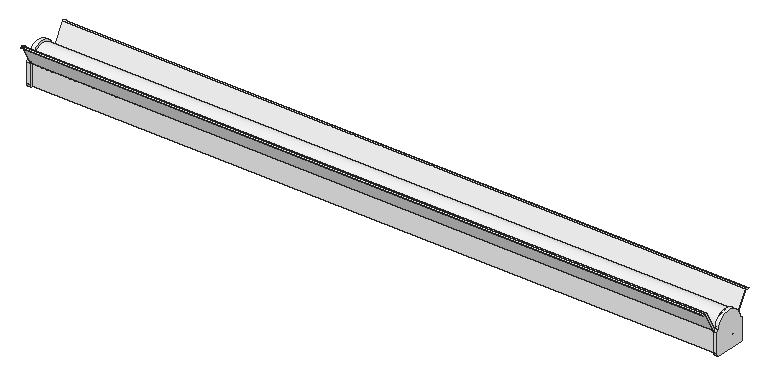
Revit family "0045210+0045235 Feilo Sylvania Lighting Fixture SYLBATTEN LED4 NW DALI TP6 E3 with SYMMETRIC REFLECTOR ACCESSORY 1500MM", category Lighting Fixtures, host Face, Revit 2017
Family settings
  Host = Face
  Round Connector Dimension = Use Diameter
  Part Type = Normal
  OmniClass Number = 23.80.70.00
  OmniClass Title = Lighting
  Cut with Voids When Loaded = No
  Light Source = Yes
  Shared = No
  Room Calculation Point = No
Parameters (values of type "0045210 SYLBATTEN LED4 NW DALI TP6 E3")
  Width_FEILO = 66 mm
  Weight = "3.7 kg"
  Wattage Comments = "n/a"
  Wattage = 42 W
  WarrantyStartDate [instance] = "n/a"
  WarrantyGuarantorParts = "n/a"
  WarrantyDurationUnit = "n/a"
  WarrantyDurationParts = "n/a"
  WarrantyDescription = "n/a"
  built-in parameter 1150110 = 1 (stored number, unit not read)
  Voltage = 230 V
  URL = "http://www.sylvania-lighting.com"
  TypeName = "SYLBATTEN LED4 NW DALI TP6 E3"
  Type Image = <None>
  Type Comments = "n/a"
  built-in parameter 1114217 = 1 (stored number, unit not read)
  Tilt Angle = -90.00°
  built-in parameter 1150109 = 1 (stored number, unit not read)
  built-in parameter 1150134 = 12
  SymReflector_FEILO = yes
  built-in parameter 1150113 = 1 (stored number, unit not read)
  SerialNumber [instance] = "n/a"
  PowerFactor = 0
  PowerConsumption = "42 W"
  Photometric Web File = "0045210+0045235.ies"
  NominalLength = 1505 mm
  NominalHeight = 76 mm
  NominalDepth = 66 mm
  Name = "SYLBATTEN LED4 NW DALI TP6 E3"
  ModelReference = Name  # "SYLBATTEN LED4 NW DALI TP6 E3"
  ModelNumber = "0045210"
  Model = Name  # "SYLBATTEN LED4 NW DALI TP6 E3"
  Material_4_FEILO = Reflector-Sylvania-Sylbatten-White
  Material_3_FEILO = Diffuser-Sylvania-Sylbatten-Glow
  Material_2_FEILO = Body-Sylvania-Sylbatten-White
  Material_1_FEILO = Body-Sylvania-Sylbatten-White
  Material = "sheet steel housing, polycarbonate diffuser"
  ManufacturerName = "Feilo Sylvania"
  Manufacturer = "Feilo Sylvania"
  LuminousEfficacy = "99.73 lm/W"
  built-in parameter 1150105 = 333.32 (stored number, unit not read)
  Lumens = 4188.66 lm
  LuminaireType = ""
  built-in parameter 1150115 = 1 (stored number, unit not read)
  LightOutputRatio = "100"
  built-in parameter 1150137 = (empty or 0)
  built-in parameter 1150139 = (empty or 0)
  Length_FEILO = 1505 mm
  LampsType = Lamp  # "LED"
  LampNominalLuminous = "4189 lm"
  LampMacAdamStep = "n/a"
  LampColourTemperature = "4000 K"
  LampColourRenderingIndex = "80"
  built-in parameter 1150112 = 1 (stored number, unit not read)
  built-in parameter 1150114 = 1 (stored number, unit not read)
  Lamp = "LED"
  Keynote = "16500"
  InstallationDate [instance] = "n/a"
  InputVoltage = "220-240V~"
  InputNominalFrequency = "n/a"
  built-in parameter 1150132 = (empty or 0)
  built-in parameter 1150102 = (empty or 0)
  built-in parameter 1150107 = 4000 (stored number, unit not read)
  built-in parameter 1150138 = (empty or 0)
  IngressProtection = "IP20"
  ImpactProtectionIndex = "IK07"
  built-in parameter 1150106 = 3.3332 (stored number, unit not read)
  IfcExportType = "IfcLightFixtureType"
  IfcExportAs = "IfcLightFixtureType"
  Height_FEILO = 76 mm
  ExpectedLife = 50000
  Emit from Rectangle Width = Length_FEILO - 16 mm  # 1489 mm
  Emit from Rectangle Length = Width_FEILO - 40 mm  # 26 mm
  Emit Shape Visible in Rendering = no
  ElectricShockClassification = "Class I"
  built-in parameter 1150104 = 9.2652 (stored number, unit not read)
  DurationUnit = "hours"
  DocumentationLiterature = "http://www.sylvania-lighting.com/product/en-int/products/0045210"
  DimmingControlOptions = "Dimmable"
  Dimming Lamp Color Temperature Shift = <None>
  Description = "LED batten, T8 replacement, ease of installation through 2 part push-in design of the housing (safety cable included), through wiring capability (TP6 = 6 core), sheet steel, 4189LM, 39W, 107lm/W, 4000K, drive current: 350mA, CRI 80, 138° wide beam angle, DALI dimmable, integral 3 hour maintained emergency, IP20, IK07, 50,000 hrs (L70), (LxWxH) 1505x66x76mm, 5 step MacAdam ellipse, 3.7kg, white RAL 9016, Class 1, 220-240V, energy class: A++, A+, A."
  Default Elevation = 1219.2 mm
  CreatedOn = "2/22/2018"
  CreatedBy = ""
  Cost = 0
  Color Filter = 16777215
  built-in parameter 1114216 [instance] = (empty or 0)
  ClassificationValue = "EF_70_80"
  ClassificationName = "Uniclass2015"
  CapOffset_FEILO = 2 mm
  BarCode [instance] = "n/a"
  built-in parameter 1114218 = 1 (stored number, unit not read)
  BackReflector_FEILO = and(not(AsymReflector_FEILO), SymReflector_FEILO)  # yes
  built-in parameter 1150133 = 10 (stored number, unit not read)
  FrontReflector_FEILO = or(AsymReflector_FEILO, SymReflector_FEILO)  # yes
  AsymReflector_FEILO = no
  AssetType = "Fixed"
  AssetIdentifier [instance] = "n/a"
  Assembly Code = "D5020200"
  Apparent Load = 42 VA
Reference planes
  plane 1 "Center (Front/Back)": y = 0
  plane 2: z = 0
  plane 3 "Center (Left/Right)": x = 0
  plane 4: x = 752.5
  plane 5: x = -752.5
  plane 6: y = 33
  plane 7: y = -33
  plane 8: z = 76
  plane 9: z = 47
  plane 10: y = -29
  plane 11: y = 29
  plane 12: z = 20
  plane 13: z = 74
  plane 14: y = -31
  plane 15: y = -27
  plane 16: y = 27
  plane 17: y = 31
  plane 18: z = 2
  plane 19: x = -744.5
  plane 20: x = 744.5
  plane 21: z = 49
  plane 22: y = 1
  plane 23: y = -1
  plane 24: z = 21
  plane 25: z = 19
  plane 26: y = -61
  plane 27: y = 61
  plane 28: y = -56
  plane 29: y = 56
  plane 30: z = 91
  plane 31: z = 88
Forms (mm)
  Extrusion 1, solid, material "Body-Sylvania-Sylbatten-White" <- "Material_2_FEILO"
    sketch origin (0, 0, 0) x (0, 1, 0) y (0, 0, 1)
      loop
        line (-31, 2) -> (31, 2) -> (31, 45)
        arc (31, 45) -> (30.414, 46.414) -> (29, 47) r 2
        line (29, 47) -> (27, 47)
        arc (27, 47) -> (0, 74) -> (-27, 47) r 27
        line (-27, 47) -> (-29, 47)
        arc (-29, 47) -> (-30.414, 46.414) -> (-31, 45) r 2
        line (-31, 45) -> (-31, 2)
    from -744.5 to 744.5
  Extrusion 2, solid, material "Body-Sylvania-Sylbatten-White" <- "Material_2_FEILO"
    sketch origin (752.5, 1524, 1219.2) x (0, 1, 0) y (0, 0, 1)
      loop
        arc (-1494, -1219.2) -> (-1491.879, -1218.321) -> (-1491, -1216.2) r 3
        line (-1491, -1216.2) -> (-1491, -1173.2)
        arc (-1491, -1173.2) -> (-1491.879, -1171.079) -> (-1494, -1170.2) r 3
        line (-1494, -1170.2) -> (-1495.069, -1170.2)
        arc (-1495.069, -1170.2) -> (-1524, -1143.2) -> (-1552.931, -1170.2) r 29
        line (-1552.931, -1170.2) -> (-1554, -1170.2)
        arc (-1554, -1170.2) -> (-1556.121, -1171.079) -> (-1557, -1173.2) r 3
        line (-1557, -1173.2) -> (-1557, -1216.2)
        arc (-1557, -1216.2) -> (-1556.121, -1218.321) -> (-1554, -1219.2) r 3
        line (-1554, -1219.2) -> (-1494, -1219.2)
      loop
        arc (-1525, -1189.25) -> (-1531.071, -1192.129) -> (-1533.95, -1198.2) r 10
        line (-1533.95, -1198.2) -> (-1532.944, -1198.2)
        arc (-1532.944, -1198.2) -> (-1530.364, -1192.836) -> (-1525, -1190.256) r 9
        line (-1525, -1190.256) -> (-1525, -1189.25)
      loop
        arc (-1523, -1190.256) -> (-1517.636, -1192.836) -> (-1515.056, -1198.2) r 9
        line (-1515.056, -1198.2) -> (-1514.05, -1198.2)
        arc (-1514.05, -1198.2) -> (-1516.929, -1192.129) -> (-1523, -1189.25) r 10
        line (-1523, -1189.25) -> (-1523, -1190.256)
      loop
        line (-1532.944, -1200.2) -> (-1533.95, -1200.2)
        arc (-1533.95, -1200.2) -> (-1531.071, -1206.271) -> (-1525, -1209.15) r 10
        line (-1525, -1209.15) -> (-1525, -1208.144)
        arc (-1525, -1208.144) -> (-1530.364, -1205.564) -> (-1532.944, -1200.2) r 9
      loop
        arc (-1515.056, -1200.2) -> (-1517.636, -1205.564) -> (-1523, -1208.144) r 9
        line (-1523, -1208.144) -> (-1523, -1209.15)
        arc (-1523, -1209.15) -> (-1516.929, -1206.271) -> (-1514.05, -1200.2) r 10
        line (-1514.05, -1200.2) -> (-1515.056, -1200.2)
    from 0 to -8
  Extrusion 3, solid, material "Body-Sylvania-Sylbatten-White" <- "Material_2_FEILO"
    sketch origin (-752.5, 1524, 1219.2) x (0, 1, 0) y (0, 0, 1)
      loop
        arc (-1495.069, -1170.2) -> (-1524, -1143.2) -> (-1552.931, -1170.2) r 29
        line (-1552.931, -1170.2) -> (-1554, -1170.2)
        arc (-1554, -1170.2) -> (-1556.121, -1171.079) -> (-1557, -1173.2) r 3
        line (-1557, -1173.2) -> (-1557, -1216.2)
        arc (-1557, -1216.2) -> (-1556.121, -1218.321) -> (-1554, -1219.2) r 3
        line (-1554, -1219.2) -> (-1494, -1219.2)
        arc (-1494, -1219.2) -> (-1491.879, -1218.321) -> (-1491, -1216.2) r 3
        line (-1491, -1216.2) -> (-1491, -1173.2)
        arc (-1491, -1173.2) -> (-1491.879, -1171.079) -> (-1494, -1170.2) r 3
        line (-1494, -1170.2) -> (-1495.069, -1170.2)
      loop
        line (-1533.95, -1198.2) -> (-1532.944, -1198.2)
        arc (-1532.944, -1198.2) -> (-1530.364, -1192.836) -> (-1525, -1190.256) r 9
        line (-1525, -1190.256) -> (-1525, -1189.25)
        arc (-1525, -1189.25) -> (-1531.071, -1192.129) -> (-1533.95, -1198.2) r 10
      loop
        line (-1523, -1189.25) -> (-1523, -1190.256)
        arc (-1523, -1190.256) -> (-1517.636, -1192.836) -> (-1515.056, -1198.2) r 9
        line (-1515.056, -1198.2) -> (-1514.05, -1198.2)
        arc (-1514.05, -1198.2) -> (-1516.929, -1192.129) -> (-1523, -1189.25) r 10
      loop
        line (-1514.05, -1200.2) -> (-1515.056, -1200.2)
        arc (-1515.056, -1200.2) -> (-1517.636, -1205.564) -> (-1523, -1208.144) r 9
        line (-1523, -1208.144) -> (-1523, -1209.15)
        arc (-1523, -1209.15) -> (-1516.929, -1206.271) -> (-1514.05, -1200.2) r 10
      loop
        line (-1525, -1209.15) -> (-1525, -1208.144)
        arc (-1525, -1208.144) -> (-1530.364, -1205.564) -> (-1532.944, -1200.2) r 9
        line (-1532.944, -1200.2) -> (-1533.95, -1200.2)
        arc (-1533.95, -1200.2) -> (-1531.071, -1206.271) -> (-1525, -1209.15) r 10
    from 0 to 8
  Extrusion 4, solid, material "Reflector-Sylvania-Sylbatten-White" <- "Material_4_FEILO", visible <- "FrontReflector_FEILO"
    sketch origin (0, 0, 0) x (0, 1, 0) y (0, 0, 1)
      loop
        line (-61.257, 88.429) -> (-60.743, 87.571) -> (-56.621, 90.044)
        arc (-56.621, 90.044) -> (-56.237, 90.099) -> (-55.929, 89.863) r 0.5
        line (-55.929, 89.863) -> (-31.435, 46.753) -> (-30.565, 47.247) -> (-55.312, 90.802)
        arc (-55.312, 90.802) -> (-55.928, 91.275) -> (-56.696, 91.165) r 1
        line (-56.696, 91.165) -> (-61.257, 88.429)
    from -744.5 to 744.5
  Extrusion 5, solid, material "Reflector-Sylvania-Sylbatten-White" <- "Material_4_FEILO", visible <- "BackReflector_FEILO"
    sketch origin (0, 0, 0) x (0, 1, 0) y (0, 0, 1)
      loop
        line (30.565, 47.247) -> (31.435, 46.753) -> (55.932, 89.868)
        arc (55.932, 89.868) -> (56.245, 90.112) -> (56.638, 90.062) r 0.518
        line (56.638, 90.062) -> (61.033, 87.565) -> (61.527, 88.435) -> (56.682, 91.188)
        arc (56.682, 91.188) -> (55.922, 91.282) -> (55.318, 90.812) r 1
        line (55.318, 90.812) -> (30.565, 47.247)
    from -744.5 to 744.5
Lines and regions (mm)
  reference lines
    curve 1: line (0, -61, 88) -> (0, -56, 91)
    curve 2: line (0, -56, 91) -> (0, -31, 47)
    curve 3: line (0, 31, 47) -> (0, 56, 91)
    curve 4: line (0, 56, 91) -> (0, 61.28, 88)
Dimensions and locks
  equal spacing: plane 5, plane 3 "Center (Left/Right)", plane 4
  equal spacing: plane 7, plane 1 "Center (Front/Back)", plane 6
  "Width_FEILO": plane 7 to plane 6
  "Length_FEILO": plane 5 to plane 4
  "Height_FEILO": plane 8 to plane 2
  locked: plane 9 to plane 8 at 29
  equal spacing: plane 10, plane 1 "Center (Front/Back)", plane 11
  locked: plane 7 to plane 10 at 4
  locked: plane 12 to plane 2 at 20
  "CapOffset_FEILO": plane 13 to plane 8
  "CapOffset_FEILO": plane 7 to plane 14
  "CapOffset_FEILO": plane 10 to plane 15
  "CapOffset_FEILO": plane 17 to plane 6
  "CapOffset_FEILO": plane 16 to plane 11
  "CapOffset_FEILO": plane 18 to plane 2
  locked: plane 14 to Extrusion 1 sketch curve at 2
  locked: Extrusion 1 sketch curve to plane 9 at 2  (x2)
  locked: plane 16 to Extrusion 1 sketch curve at 2
  equal spacing: plane 19, plane 3 "Center (Left/Right)", plane 20
  locked: plane 5 to plane 19 at 8
  "CapOffset_FEILO": plane 9 to plane 21
  locked: Extrusion 2 sketch curve to plane 2 at 47
  locked: Extrusion 1 sketch curve to plane 2 at 47
  locked: Extrusion 2 sketch curve to plane 2 at 3  (x2)
  locked: plane 7 to Extrusion 2 sketch curve at 3  (x2)
  locked: Extrusion 2 sketch curve to plane 6 at 3  (x2)
  locked: Extrusion 2 sketch curve to plane 21 at 3  (x2)
  equal spacing: plane 23, plane 1 "Center (Front/Back)", plane 22
  equal spacing: plane 25, plane 12, plane 24
  plane 30 to plane 31 to plane 2 = 3 mm locked, 88 mm locked
  plane 28 to plane 29 = 112 mm
  plane 26 to plane 27 = 122 mm
  aligned and locked: plane 2 to host face
  aligned and locked: level to host face
  aligned and locked: plane 18 to Extrusion 1 sketch curve
  aligned and locked: plane 14 to Extrusion 1 sketch curve
  aligned and locked: Extrusion 1 sketch curve to plane 9  (x2)
  aligned and locked: Extrusion 1 sketch curve to plane 17
  aligned and locked: plane 15 to Extrusion 1 sketch curve
  aligned and locked: plane 16 to Extrusion 1 sketch curve
  aligned and locked: plane 9 to Extrusion 1 sketch curve
  aligned and locked: plane 20 to Extrusion 1
  aligned and locked: level to Extrusion 2 sketch curve
  aligned and locked: Extrusion 2 sketch curve to plane 7
  aligned and locked: plane 21 to Extrusion 2 sketch curve
  aligned and locked: Extrusion 2 sketch curve to plane 21
  aligned and locked: plane 1 "Center (Front/Back)" to Extrusion 2 sketch curve  (x3)
  aligned and locked: Extrusion 2 to Extrusion 1
  aligned and locked: plane 4 to Extrusion 2
  aligned and locked: plane 12 to Extrusion 2 sketch curve  (x2)
  aligned and locked: Extrusion 2 sketch curve to plane 22
  aligned and locked: Extrusion 2 sketch curve to plane 23
  aligned and locked: Extrusion 2 sketch curve to plane 24
  aligned and locked: Extrusion 2 sketch curve to plane 25
  aligned and locked: plane 25 to Extrusion 2 sketch curve
  aligned and locked: plane 22 to Extrusion 2 sketch curve
  aligned and locked: plane 24 to Extrusion 2 sketch curve
  aligned and locked: plane 23 to Extrusion 2 sketch curve  (x2)
  aligned and locked: Extrusion 3 sketch curve to Extrusion 2  (x22)
  aligned and locked: Extrusion 3 to Extrusion 1
  aligned and locked: Extrusion 3 to plane 5
  aligned and locked: plane 19 to Extrusion 3
  aligned and locked: plane 31 to curve 1
  aligned and locked: plane 30 to curve 1
  aligned and locked: plane 14 to curve 2
  aligned and locked: plane 9 to curve 2
  aligned and locked: plane 17 to curve 3
  aligned and locked: plane 30 to curve 3
  aligned and locked: plane 31 to curve 4
  aligned and locked: Extrusion 4 sketch curve to curve 2
  aligned and locked: Extrusion 4 sketch curve to curve 1
  aligned and locked: Extrusion 4 to Extrusion 1
  aligned and locked: Extrusion 1 to Extrusion 4
  aligned and locked: imposter light to plane 1 "Center (Front/Back)"
  aligned and locked: imposter light to plane 3 "Center (Left/Right)"
  aligned and locked: imposter light to plane 13
  aligned and locked: Extrusion 5 sketch curve to curve 4
  aligned and locked: Extrusion 5 sketch curve to curve 3
  aligned and locked: Extrusion 1 to Extrusion 5
  aligned and locked: Extrusion 5 to Extrusion 1
Automatic sketch dimensions
  host sketch curve to host sketch curve = 2438.4 mm  (x2)
  Extrusion 2 sketch curve to Extrusion 2 sketch curve = 0 mm  (x14)
  Extrusion 2 sketch curve to plane 10 = 0.069 mm
  plane 23 to Extrusion 2 sketch curve = 8.95 mm
  Extrusion 2 sketch curve to Extrusion 2 sketch curve = 1.006 mm  (x4)
  Extrusion 2 sketch curve to plane 22 = 7.944 mm
  curve 1 to plane 26 = 0 mm
  curve 2 to plane 28 = 0 mm
  curve 4 to plane 29 = 0 mm
  plane 9 to curve 3 = 0 mm
  plane 26 to Extrusion 4 sketch curve = 0.257 mm
  Extrusion 4 sketch curve to plane 26 = 0.257 mm
  Extrusion 4 sketch curve to plane 30 = 0.165 mm
  plane 28 to Extrusion 4 sketch curve = 0.696 mm
  plane 28 to Extrusion 4 sketch curve = 0.621 mm
  plane 28 to Extrusion 4 sketch curve = 0.364 mm
  plane 28 to Extrusion 4 sketch curve = 0.182 mm
  Extrusion 4 sketch curve to plane 28 = 0.071 mm
  plane 30 to Extrusion 4 sketch curve = 0.198 mm
  Extrusion 4 sketch curve to plane 28 = 0.688 mm
  plane 9 to Extrusion 4 sketch curve = 0.247 mm
  plane 1 "Center (Front/Back)" to Extrusion 4 sketch curve = 31.435 mm
  Extrusion 5 sketch curve to plane 9 = 0.247 mm
  Extrusion 5 sketch curve to plane 1 "Center (Front/Back)" = 30.565 mm
  plane 9 to Extrusion 5 sketch curve = 0.247 mm
  plane 30 to Extrusion 5 sketch curve = 0.188 mm
  plane 29 to Extrusion 5 sketch curve = 0.068 mm
  Extrusion 5 sketch curve to plane 29 = 0.188 mm
  Extrusion 5 sketch curve to plane 29 = 0.382 mm
  Extrusion 5 sketch curve to Extrusion 5 sketch curve = 0.256 mm
  Extrusion 5 sketch curve to plane 30 = 0.188 mm
  Extrusion 5 sketch curve to plane 29 = 0.682 mm
  Extrusion 5 sketch curve to plane 27 = 0.033 mm
  Extrusion 5 sketch curve to plane 27 = 0.527 mm
Connectors
  electrical at (0, 0, 0), driven by "Apparent Load", driven by "PowerFactor", driven by "Voltage"
    settings: index 1, voltage 230 V, apparent load 42 VA, apparent load phase1 0 VA, apparent load phase2 0 VA, apparent load phase3 0 VA, power factor 0, load classification "Lighting", number of poles 1, system type 30, power factor state 1, is connector primary yes, connector utility no, sub classification motor no, connector description ""
